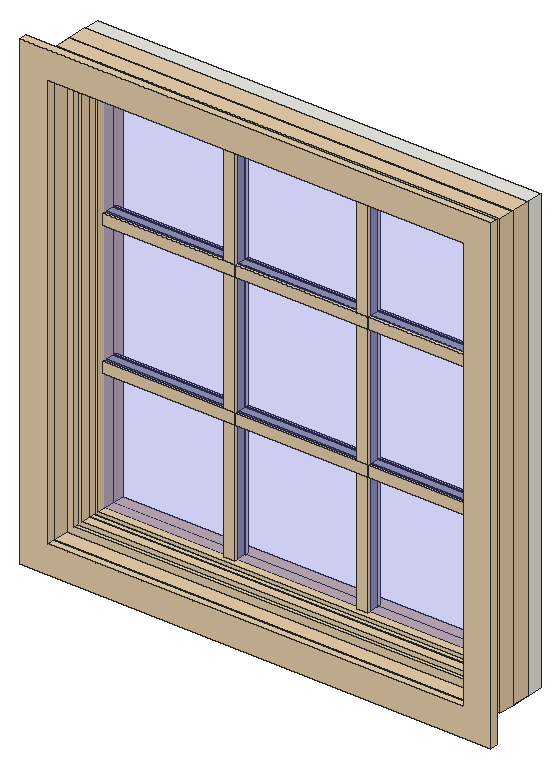
Revit family "1 Window-Picture-Andersen-400_Series_Single", category Windows, host Wall, Revit 2014 (continued)
Dimensions and locks (in)
  aligned and locked: Sweep 14 sketch curve to plane 49 "Frame S2"
  aligned and locked: plane 10 "L Stop" to Sweep 14 sketch curve
  aligned and locked: Sweep 14 sketch curve to plane 48 "Sash1 S2"
  aligned and locked: plane 38 "B Ext Frame" to nested 1
  aligned and locked: plane 9 "L Ext Frame" to nested 1
  aligned and locked: nested 1 to plane 48 "Sash1 S2"
  aligned and locked: plane 46 "Frame S1" to curve 165
  aligned and locked: plane 59 "Sash1 S1" to curve 165
  aligned and locked: plane 19 "R Ext Frame" to curve 165
  aligned and locked: plane 19 "R Ext Frame" to curve 166
  aligned and locked: plane 18 "R Glazing" to curve 166
  aligned and locked: plane 59 "Sash1 S1" to curve 166
  aligned and locked: plane 59 "Sash1 S1" to curve 7
  aligned and locked: plane 46 "Frame S1" to curve 167
  aligned and locked: plane 9 "L Ext Frame" to curve 167
  aligned and locked: plane 9 "L Ext Frame" to curve 168
  aligned and locked: plane 8 "L Glazing" to curve 168
  aligned and locked: plane 59 "Sash1 S1" to curve 168
Automatic sketch dimensions
  curve 15 to curve 15 = 0' - 0 3/16"
  Sweep 12 sketch curve to profile plane = 0' - 0"
  curve 104 to curve 52 = 0' - 0.655"
  curve 52 to curve 58 = 0' - 0 7/16"
  curve 53 to curve 54 = 0' - 0 11/16"
  curve 54 to curve 64 = 0' - 0 7/8"
  curve 64 to curve 62 = 0' - 0 5/8"
  curve 62 to curve 56 = 0' - 0 1/4"
  curve 56 to curve 56 = 0' - 0 1/8"
  curve 107 to curve 104 = 0' - 0.595"
  curve 51 to curve 51 = 0' - 0.193"
  curve 54 to curve 60 = 0' - 0 1/8"
  curve 61 to curve 63 = 0' - 0 1/8"
  curve 65 to curve 50 = 0' - 0 7/8"
  curve 55 to curve 50 = 0' - 0.312"
  curve 54 to curve 64 = 0' - 0"
  curve 63 to curve 62 = 0' - 0.11677"
  curve 54 to curve 58 = 0' - 0.11677"
  curve 53 to curve 106 = 0' - 0.13323"
  curve 62 to curve 103 = 0' - 0 7/16"
  curve 52 to curve 107 = 0' - 0 5/16"
  curve 62 to curve 55 = 0' - 0.07073"
  curve 62 to curve 64 = 0' - 0.33573"
  curve 104 to curve 105 = 0' - 0.235"
  curve 55 to curve 55 = 0' - 1"
  curve 56 to curve 57 = 0' - 0 1/16"
  curve 59 to curve 63 = 0' - 0"
  curve 60 to curve 54 = 0' - 0"
  curve 54 to curve 61 = 0' - 0 1/8"
  curve 50 to curve 65 = 0' - 0 9/16"
  curve 65 to curve 65 = 0' - 1 5/8"
  curve 133 to curve 118 = 0' - 0.655"
  curve 118 to curve 124 = 0' - 0 7/16"
  curve 119 to curve 120 = 0' - 0 11/16"
  curve 120 to curve 130 = 0' - 0 7/8"
  curve 130 to curve 128 = 0' - 0 5/8"
  curve 128 to curve 122 = 0' - 0 1/4"
  curve 122 to curve 122 = 0' - 0 1/8"
  curve 136 to curve 133 = 0' - 0.595"
  curve 117 to curve 117 = 0' - 0.193"
  curve 120 to curve 126 = 0' - 0 1/8"
  curve 127 to curve 129 = 0' - 0 1/8"
  curve 131 to curve 116 = 0' - 0 7/8"
  curve 121 to curve 116 = 0' - 0.312"
  curve 120 to curve 130 = 0' - 0"
  curve 129 to curve 128 = 0' - 0.11677"
  curve 120 to curve 124 = 0' - 0.11677"
  curve 119 to curve 135 = 0' - 0.13323"
  curve 128 to curve 132 = 0' - 0 7/16"
  curve 118 to curve 136 = 0' - 0 5/16"
  curve 128 to curve 121 = 0' - 0.07073"
  curve 128 to curve 130 = 0' - 0.33573"
  curve 133 to curve 134 = 0' - 0.235"
  curve 121 to curve 121 = 0' - 1"
  curve 122 to curve 123 = 0' - 0 1/16"
  curve 125 to curve 129 = 0' - 0"
  curve 126 to curve 120 = 0' - 0"
  curve 120 to curve 127 = 0' - 0 1/8"
  curve 116 to curve 131 = 0' - 0 9/16"
  curve 131 to curve 131 = 0' - 1 5/8"
  curve 160 to curve 145 = 0' - 0.655"
  curve 145 to curve 151 = 0' - 0 7/16"
  curve 146 to curve 147 = 0' - 0 11/16"
  curve 147 to curve 157 = 0' - 0 7/8"
  curve 157 to curve 155 = 0' - 0 5/8"
  curve 155 to curve 149 = 0' - 0 1/4"
  curve 149 to curve 149 = 0' - 0 1/8"
  curve 163 to curve 160 = 0' - 0.595"
  curve 144 to curve 144 = 0' - 0.193"
  curve 147 to curve 153 = 0' - 0 1/8"
  curve 154 to curve 156 = 0' - 0 1/8"
  curve 158 to curve 143 = 0' - 0 7/8"
  curve 148 to curve 143 = 0' - 0.312"
  curve 147 to curve 157 = 0' - 0"
  curve 155 to curve 156 = 0' - 0.11677"
  curve 151 to curve 147 = 0' - 0.11677"
  curve 162 to curve 146 = 0' - 0.13323"
  curve 159 to curve 155 = 0' - 0 7/16"
  curve 163 to curve 145 = 0' - 0 5/16"
  curve 148 to curve 155 = 0' - 0.07073"
  curve 157 to curve 155 = 0' - 0.33573"
  curve 161 to curve 160 = 0' - 0.235"
  curve 148 to curve 148 = 0' - 1"
  curve 150 to curve 149 = 0' - 0 1/16"
  curve 152 to curve 156 = 0' - 0"
  curve 153 to curve 147 = 0' - 0"
  curve 154 to curve 147 = 0' - 0 1/8"
  curve 158 to curve 143 = 0' - 0 9/16"
  curve 158 to curve 158 = 0' - 1 5/8"
  curve 85 to curve 20 = 0' - 0.08"
  curve 19 to curve 140 = 0' - 0.4665"
  curve 19 to curve 137 = 0' - 0.7325"
  curve 88 to curve 67 = 0' - 0 5/16"
  curve 21 to curve 20 = 0' - 0.31933"
  curve 20 to curve 86 = 0' - 0.05314"
  curve 66 to curve 18 = 0' - 0 5/16"
  curve 86 to curve 86 = 0' - 0.43976"
  curve 18 to curve 22 = 0' - 0 1/4"
  curve 31 to curve 21 = 0' - 0.06277"
  curve 17 to curve 85 = 0' - 2 1/16"
  curve 17 to curve 85 = 0' - 0 9/16"
  curve 35 to curve 21 = 0' - 0 1/8"
  curve 18 to curve 87 = 0' - 0.18723"
  curve 35 to curve 33 = 0' - 0 1/8"
  curve 35 to curve 34 = 0' - 0 1/8"
  curve 88 to curve 67 = 0' - 0 21/32"
  curve 18 to curve 22 = 0' - 1 1/8"
  curve 22 to curve 21 = 0' - 0 7/8"
  curve 21 to curve 86 = 0' - 0 5/8"
  curve 21 to curve 97 = 0' - 0 7/8"
  curve 86 to curve 20 = 0' - 0 3/8"
  curve 67 to curve 88 = 0' - 0 19/32"
  curve 140 to curve 88 = 0' - 0.19175"
  curve 23 to curve 22 = 0' - 0 11/16"
  curve 22 to curve 34 = 0' - 0 1/8"
  curve 33 to curve 21 = 0' - 0 1/8"
  curve 17 to curve 85 = 0' - 0 7/8"
  curve 19 to curve 97 = 0' - 0.312"
  curve 89 to curve 27 = 0' - 0.08"
  curve 26 to curve 141 = 0' - 0.4665"
  curve 26 to curve 138 = 0' - 0.7325"
  curve 92 to curve 69 = 0' - 0 5/16"
  curve 28 to curve 27 = 0' - 0.31933"
  curve 27 to curve 90 = 0' - 0.05314"
  curve 68 to curve 25 = 0' - 0 5/16"
  curve 90 to curve 90 = 0' - 0.43976"
  curve 25 to curve 29 = 0' - 0 1/4"
  curve 32 to curve 28 = 0' - 0.06277"
  curve 24 to curve 89 = 0' - 2 1/16"
  curve 24 to curve 89 = 0' - 0 9/16"
  curve 38 to curve 28 = 0' - 0 1/8"
  curve 25 to curve 91 = 0' - 0.18723"
  curve 38 to curve 36 = 0' - 0 1/8"
  curve 38 to curve 37 = 0' - 0 1/8"
  curve 92 to curve 69 = 0' - 0 21/32"
  curve 25 to curve 29 = 0' - 1 1/8"
  curve 29 to curve 28 = 0' - 0 7/8"
  curve 28 to curve 90 = 0' - 0 5/8"
  curve 28 to curve 98 = 0' - 0 7/8"
  curve 90 to curve 27 = 0' - 0 3/8"
  curve 69 to curve 92 = 0' - 0 19/32"
  curve 141 to curve 92 = 0' - 0.19175"
  curve 30 to curve 29 = 0' - 0 11/16"
  curve 29 to curve 37 = 0' - 0 1/8"
  curve 36 to curve 28 = 0' - 0 1/8"
  curve 24 to curve 89 = 0' - 0 7/8"
  curve 26 to curve 98 = 0' - 0.312"
  curve 93 to curve 42 = 0' - 0.08"
  curve 41 to curve 142 = 0' - 0.4665"
  curve 41 to curve 139 = 0' - 0.7325"
  curve 96 to curve 71 = 0' - 0 5/16"
  curve 43 to curve 42 = 0' - 0.31933"
  curve 42 to curve 94 = 0' - 0.05314"
  curve 70 to curve 40 = 0' - 0 5/16"
  curve 94 to curve 94 = 0' - 0.43976"
  curve 40 to curve 44 = 0' - 0 1/4"
  curve 46 to curve 43 = 0' - 0.06277"
  curve 39 to curve 93 = 0' - 2 1/16"
  curve 39 to curve 93 = 0' - 0 9/16"
  curve 49 to curve 43 = 0' - 0 1/8"
  curve 40 to curve 95 = 0' - 0.18723"
  curve 49 to curve 47 = 0' - 0 1/8"
  curve 49 to curve 48 = 0' - 0 1/8"
  curve 71 to curve 96 = 0' - 0 21/32"
  curve 44 to curve 40 = 0' - 1 1/8"
  curve 43 to curve 44 = 0' - 0 7/8"
  curve 94 to curve 43 = 0' - 0 5/8"
  curve 99 to curve 43 = 0' - 0 7/8"
  curve 42 to curve 94 = 0' - 0 3/8"
  curve 96 to curve 71 = 0' - 0 19/32"
  curve 96 to curve 142 = 0' - 0.19175"
  curve 44 to curve 45 = 0' - 0 11/16"
  curve 48 to curve 44 = 0' - 0 1/8"
  curve 43 to curve 47 = 0' - 0 1/8"
  curve 93 to curve 39 = 0' - 0 7/8"
  curve 99 to curve 41 = 0' - 0.312"
  Extrusion 8 sketch curve to plane 38 "B Ext Frame" = 0' - 0.18664"
  plane 65 "T Stop" to Extrusion 8 sketch curve = 0' - 0 1/4"
  plane 29 "T Ext Frame" to Extrusion 8 sketch curve = 0' - 0.18689"
  Extrusion 8 sketch curve to plane 66 "B Stop" = 0' - 0 1/4"
  plane 9 "L Ext Frame" to Extrusion 8 sketch curve = 0' - 0.0175"
  Extrusion 8 sketch curve to plane 19 "R Ext Frame" = 0' - 0.0175"
  curve 112 to plane 44 "Casing S1" = 0' - 0"
  Sweep 14 sketch curve to plane 47 "Flange" = 0' - 0"
  curve 5 to plane 22 "R Casing 1" = 0' - 0"
  curve 5 to plane 46 "Frame S1" = 0' - 0"
  curve 16 to plane 46 "Frame S1" = 0' - 0"
  curve 15 to plane 4 "R Frame" = 0' - 0"
  curve 15 to plane 46 "Frame S1" = 0' - 0"
  host wall to curve 9 = 0' - 0"
  curve 164 to plane 12 "L Casing 1" = 0' - 0"
Nested families (in)
  nested 1: "Andersen_Sash_Panel" at (17.4375, 2.5625, 46.81311) x (-1, 0, 0) z (0, 0, 1), type "Andersen_Sash_Panel"
    with Material_Top_Setback 0' - 0 1/32", Material_Right_Setback 0' - 0 1/32", Material_Left_Setback 0' - 0 1/32", Material_Bottom_Setback 0' - 0 1/32"
Definition of nested family "Andersen_Sash_Panel"
  Parameters (values of type "Andersen_Sash_Panel")
    VertBarQuantity = if(LightsWide < 3, 2, LightsWide - 1)  # 2
    TFL = if(Fractional_Lights_High > 5, 3, if(or(Fractional_Lights_High = 4, Fractional_Lights_High = 5), 2, if(or(Fractional_Lights_High = 2, Fractional_Lights_High = 3), 1, 1)))  # 2
    TFB = TFL - 1  # 1
    Stile_Right = 0' - 1 11/16"
    Stile_Left = 0' - 1 11/16"
    StandardLightsHigh = 3
    SingleVertLocation = (Panel_Width - Stile_Right - Stile_Left) / 2  # 1' - 3 3/4"
    SingleVertBarVisibility = LightsWide = 2  # no
    SingleHorzLocation = (BarLengthVertical) / 2  # 1' - 3 3/4"
    SingleHorBarVisibility = or(or(or(and(LightsHigh = 2, PatternNumber = 1), and(PatternNumber = 4, Fractional_Lights_High > 1)), and(PatternNumber = 5, Fractional_Lights_High > 1)), and(PatternNumber = 2, Fractional_Lights_High > 1))  # no
    S H Fractional = and(PatternNumber = 2, or(Fractional_Lights_High = 4, Fractional_Lights_High = 5))  # no
    Rail_Top = 0' - 1 11/16"
    Rail_Bottom = 0' - 1 11/16"
    PatternNumber = 1
    Panel_Width = 2' - 10 7/8"
    Panel_Thickness = 0' - 2 9/16"
    Panel_Height = 2' - 10 7/8"
    MultipleVertBar Visibility = and(not(PatternNumber = 0), LightsWide > 2)  # yes
    MultipleHorBarVisibility = or(or(PatternNumber = 3, and(LightsHigh > 2, PatternNumber = 1)), and(PatternNumber = 2, Fractional_Lights_High > 5))  # yes
    Material_Top_Setback [instance] = 0' - 0 1/32"
    Material_Right_Setback [instance] = 0' - 0 1/32"
    Material_Left_Setback [instance] = 0' - 0 1/32"
    Material_Interior = Wood - Andersen - Pine
    Material_Exterior = Vinyl - Andersen - White
    Material_Bottom_Setback [instance] = 0' - 0 1/32"
    LightsWide = if(PatternNumber = 3, 3, [- Lights Wide])  # 3
    LightsHigh = if(PatternNumber = 2, [- Lights High] - 1, if(PatternNumber = 3, 3, [- Lights High]))  # 3
    Interior Bar Thickness = 0' - 0 23/64"
    HorBarQuantity = if(LightsHigh < 3, 2, LightsHigh - 1)  # 2
    GrilleBarSizeInt = 4
    GrilleBarSize = 0' - 0 7/8"
    Glazing = Glass ‐ Andersen - Low-E4 SmartSun
    Glass SetBack = 0' - 1"
    Glass Pane Thickness = 0' - 0 1/8"
    Glass OA Thickness = 0' - 0 7/8"
    Fractional_Lights_Wide = 3
    Fractional_Lights_High = 5
    Exterior Bar Thickness = 0' - 0 77/256"
    DLOVertical = if(PatternNumber = 1, if(LightsHigh > 2, ((BarLengthVertical - (GrilleBarSize * (LightsHigh - 1))) / LightsHigh), 0' 4"), if(PatternNumber = 3, 0' 4", if(Fractional_Lights_High > 2, ((BarLengthVertical - (GrilleBarSize * 2)) / 3), 0' 4")))  # 0' - 9.91667"
    DLOHorizontal = if(PatternNumber = 3, 0' 4", ((Panel_Width - Stile_Right - Stile_Left) - (GrilleBarSize * VertBarQuantity)) / if(LightsWide > 2, LightsWide, 3))  # 0' - 9.91667"
    BottomBarVisibility = and(PatternNumber = 2, or(Fractional_Lights_High = 4, Fractional_Lights_High = 5))  # no
    BottomBarLocation = if(PatternNumber = 1, ((Panel_Height - Rail_Top - Rail_Bottom) / 2) - (GrilleBarSize / 2), BarLengthVertical)  # 1' - 3 5/16"
    Between Glass Grille Bar Color = Stainless Steel - Andersen - Standard
    BarLengthVertical = if(or(PatternNumber = 5, PatternNumber = 2), ((((Panel_Height - Rail_Top - Rail_Bottom - (GrilleBarSize * (Fractional_Lights_High - 1))) / Fractional_Lights_High)) * TFL) + (TFB * GrilleBarSize) + Rail_Top, if(PatternNumber = 4, ((Panel_Height - Rail_Top - Rail_Bottom - (GrilleBarSize * (Fractional_Lights_High - 1))) / Fractional_Lights_High), Panel_Height - Rail_Top - Rail_Bottom))  # 2' - 7 1/2"
    BarLengthHorizontal = Panel_Width - Stile_Right - Stile_Left  # 2' - 7 1/2"
    BarIntVisibility = yes
    BarExtVisibility = yes
    BarBetweenGlassVisibility = yes
    Analytic Construction = "<None>"
    - Lights Wide = 3
    - Lights High = 3
  Reference planes (in)
    plane 1 "Front": y = 0
    plane 2 "Bottom": z = 0
    plane 3 "Left": x = 0
    plane 4 "Top": z = 34.875
    plane 5 "Right": x = 34.875
    plane 6 "Glazing Left": x = 1.6875
    plane 7 "Glazing Bottom": z = 1.6875
    plane 8 "Glazing Right": x = 33.1875
    plane 9 "Glazing Top": z = 33.1875
    plane 10 "GlazingA": y = 1
    plane 11 "GlazingB": y = 1.875
    plane 12 "Back": y = 2.5625
    plane 13: z = 1.6875
  Forms (in)
    Extrusion 1, solid, material "Wood - Andersen - Pine" <- "Material_Interior"
      sketch origin (0, 0, 0) x (1, 0, 0) y (0, 0, 1)
        loop
          line (0, 34.875) -> (0, 0) -> (34.875, 0) -> (34.875, 34.875) -> (0, 34.875)
        loop
          line (1.6875, 33.1875) -> (1.6875, 1.6875) -> (33.1875, 1.6875) -> (33.1875, 33.1875) -> (1.6875, 33.1875)
      from -2.5625 to 0
    Extrusion 2, solid, material "Glass ‐ Andersen - Low-E4 SmartSun" <- "Glazing"
      sketch origin (0, 0, 0) x (1, 0, 0) y (0, 0, 1)
        loop
          line (1.6875, 33.1875) -> (1.6875, 1.6875) -> (33.1875, 1.6875) -> (33.1875, 33.1875) -> (1.6875, 33.1875)
      from -1.875 to -1
  Lines and regions (in)
    Split face 1
      outline origin (0, 0, 34.875) x (1, 0, 0) y (0, 1, 0)
        loop
          line (0, 0.03125) -> (34.875, 0.03125)
    Split face 2
      outline origin (34.875, 0, 34.875) x (0, 0, -1) y (0, 1, 0)
        loop
          line (0, 0.03125) -> (34.875, 0.03125)
    Split face 3
      outline origin (0, 0, 0) x (0, 0, 1) y (0, 1, 0)
        loop
          line (34.875, 0.03125) -> (0, 0.03125)
    Split face 4
      outline origin (34.875, 0, 0) x (0, 1, 0) y (-1, 0, 0)
        loop
          line (0.03125, 34.875) -> (0.03125, 0)
    Split face 5
      outline origin (33.1875, 0.625, 1.6875) x (-1, 0, 0) y (0, -1, 0)
        loop
          line (31.5, -0.375) -> (0, -0.375)
        loop
          line (31.5, -1.25) -> (0, -1.25)
    Split face 6
      outline origin (1.6875, 0, 1.6875) x (0, 0, 1) y (0, -1, 0)
        loop
          line (0, -1) -> (31.5, -1)
        loop
          line (31.5, -1.875) -> (0, -1.875)
    Split face 7
      outline origin (33.1875, 0, 33.1875) x (0, 0, -1) y (0, -1, 0)
        loop
          line (31.5, -1) -> (0, -1)
        loop
          line (0, -1.875) -> (31.5, -1.875)
    Split face 8
      outline origin (1.6875, 0, 33.1875) x (0, -1, 0) y (1, 0, 0)
        loop
          line (-1, 0) -> (-1, 31.5)
        loop
          line (-1.875, 0) -> (-1.875, 31.5)
    symbolic lines, style "WindowsGlassProjection", detail levels medium+fine
      curve 1: line (1.6875, 1, 0) -> (33.1875, 1, 0)
      curve 2: line (1.6875, 1.875, 0) -> (33.1875, 1.875, 0)
    symbolic lines, style "WindowsGlassProjection"
      curve 3: line (0, 1, 33.1875) -> (0, 1, 1.6875)
      curve 4: line (0, 1.875, 33.1875) -> (0, 1.875, 1.6875)
    symbolic lines, style "WindowsGlassProjection", detail levels fine
      curve 5: line (1.6875, 1.125, 0) -> (33.1875, 1.125, 0)
      curve 6: line (1.6875, 1.75, 0) -> (33.1875, 1.75, 0)
      curve 7: line (0, 1.75, 33.1875) -> (0, 1.75, 1.6875)
      curve 8: line (0, 1.125, 33.1875) -> (0, 1.125, 1.6875)
  Dimensions and locks (in)
    "Panel_Width": plane 5 "Right" to plane 3 "Left"
    "Panel_Height": plane 4 "Top" to plane 2 "Bottom"
    "Stile_Left": plane 6 "Glazing Left" to plane 3 "Left"
    "Stile_Right": plane 5 "Right" to plane 8 "Glazing Right"
    "Rail_Bottom": plane 7 "Glazing Bottom" to plane 2 "Bottom"
    "Rail_Top": plane 4 "Top" to plane 9 "Glazing Top"
    "Panel_Thickness": plane 1 "Front" to plane 12 "Back"
    "Material_Top_Setback": Extrusion 1 to Split face 1 sketch curve
    "Material_Right_Setback": Extrusion 1 to Split face 2 sketch curve
    "Material_Left_Setback": Split face 3 sketch curve to Extrusion 1
    "Material_Bottom_Setback": Extrusion 1 to Split face 4 sketch curve
    "BarLengthVertical": plane 9 "Glazing Top" to plane 13
    plane 8 "Glazing Right" to plane 6 "Glazing Left" = 2' - 7 1/2"
    group 1 to group 2 = 0' - 10.79167"
    group 1 to group 2 = 0' - 0"  (x2)
    "DLOHorizontal": nested 1 to plane 6 "Glazing Left"
    "DLOHorizontal": plane 8 "Glazing Right" to nested 2
    "Glass SetBack": plane 1 "Front" to plane 10 "GlazingA"
    "Glass Pane Thickness": curve 5 to plane 10 "GlazingA"
    "Glass OA Thickness": plane 11 "GlazingB" to plane 10 "GlazingA"
    "Glass Pane Thickness": plane 11 "GlazingB" to curve 6
    "Glass Pane Thickness": plane 11 "GlazingB" to curve 7
    "Glass Pane Thickness": curve 8 to plane 10 "GlazingA"
    "SingleVertLocation": nested 3 to plane 6 "Glazing Left"
    group 3 to group 4 = 0' - 0"  (x2)
    group 3 to group 4 = 0' - 10.79167"
    "DLOVertical": plane 9 "Glazing Top" to nested 6
    "DLOVertical": nested 5 to plane 13
    equal spacing: plane 9 "Glazing Top", nested 7, nested 4
    "BottomBarLocation": plane 9 "Glazing Top" to nested 4
    aligned and locked: plane 2 "Bottom" to level
    aligned and locked: Extrusion 1 sketch curve to plane 4 "Top"
    aligned and locked: Extrusion 1 sketch curve to plane 9 "Glazing Top"
    aligned and locked: Extrusion 1 sketch curve to plane 5 "Right"
    aligned and locked: Extrusion 1 sketch curve to plane 8 "Glazing Right"
    aligned and locked: plane 2 "Bottom" to Extrusion 1 sketch curve
    aligned and locked: plane 7 "Glazing Bottom" to Extrusion 1 sketch curve
    aligned and locked: plane 3 "Left" to Extrusion 1 sketch curve
    aligned and locked: plane 6 "Glazing Left" to Extrusion 1 sketch curve
    aligned and locked: plane 12 "Back" to Extrusion 1
    aligned and locked: plane 1 "Front" to Extrusion 1
    aligned and locked: Extrusion 2 sketch curve to plane 9 "Glazing Top"
    aligned and locked: Extrusion 2 sketch curve to plane 8 "Glazing Right"
    aligned and locked: plane 7 "Glazing Bottom" to Extrusion 2 sketch curve
    aligned and locked: plane 6 "Glazing Left" to Extrusion 2 sketch curve
    aligned and locked: plane 11 "GlazingB" to Extrusion 2
    aligned and locked: Extrusion 2 to plane 10 "GlazingA"
    aligned and locked: Split face 5 sketch curve to plane 10 "GlazingA"
    aligned and locked: Split face 5 sketch curve to plane 11 "GlazingB"
    aligned and locked: Split face 6 sketch curve to plane 10 "GlazingA"
    aligned and locked: plane 11 "GlazingB" to Split face 6 sketch curve
    aligned and locked: Split face 7 sketch curve to plane 10 "GlazingA"
    aligned and locked: plane 11 "GlazingB" to Split face 7 sketch curve
    aligned and locked: Split face 8 sketch curve to plane 10 "GlazingA"
    aligned and locked: Split face 8 sketch curve to plane 11 "GlazingB"
    aligned and locked: curve 2 to plane 11 "GlazingB"
    aligned and locked: plane 7 "Glazing Bottom" to curve 3
    aligned and locked: plane 10 "GlazingA" to curve 3
    aligned and locked: plane 9 "Glazing Top" to curve 4
    aligned and locked: plane 11 "GlazingB" to curve 4
    aligned and locked: plane 6 "Glazing Left" to curve 6
    aligned and locked: plane 8 "Glazing Right" to curve 6
    aligned and locked: Split face 5 to plane 10 "GlazingA"
    aligned and locked: plane 9 "Glazing Top" to nested 1
    aligned and locked: plane 9 "Glazing Top" to nested 2
    aligned and locked: plane 9 "Glazing Top" to nested 3
    aligned and locked: plane 6 "Glazing Left" to nested 4
    aligned and locked: nested 6 to plane 6 "Glazing Left"
    aligned and locked: nested 5 to plane 6 "Glazing Left"
    aligned and locked: plane 6 "Glazing Left" to nested 7
  Automatic sketch dimensions
    Split face 1 sketch curve to Extrusion 1 = 0' - 0"  (x2)
    Split face 2 sketch curve to Extrusion 1 = 0' - 0"
    Extrusion 1 to Split face 2 sketch curve = 0' - 0"
    Extrusion 1 to Split face 3 sketch curve = 0' - 0"
    Split face 3 sketch curve to Extrusion 1 = 0' - 0"
    Split face 4 sketch curve to Extrusion 1 = 0' - 0"  (x2)
    Split face 5 sketch curve to Extrusion 1 = 0' - 0"  (x4)
    Split face 6 sketch curve to Extrusion 1 = 0' - 0"  (x2)
    Extrusion 1 to Split face 6 sketch curve = 0' - 0"  (x2)
    Extrusion 1 to Split face 7 sketch curve = 0' - 0"  (x2)
    Split face 7 sketch curve to Extrusion 1 = 0' - 0"  (x2)
    Split face 8 sketch curve to Extrusion 1 = 0' - 0"  (x4)
    curve 1 to plane 10 "GlazingA" = 0' - 0"
    curve 7 to plane 9 "Glazing Top" = 0' - 0"
    curve 3 to plane 9 "Glazing Top" = 0' - 0"
    curve 8 to plane 9 "Glazing Top" = 0' - 0"
    curve 7 to plane 7 "Glazing Bottom" = 0' - 0"
    curve 4 to plane 7 "Glazing Bottom" = 0' - 0"
    curve 8 to plane 7 "Glazing Bottom" = 0' - 0"
    curve 2 to plane 6 "Glazing Left" = 0' - 0"
    curve 5 to plane 6 "Glazing Left" = 0' - 0"
    curve 1 to plane 6 "Glazing Left" = 0' - 0"
    curve 5 to plane 8 "Glazing Right" = 0' - 0"
    curve 2 to plane 8 "Glazing Right" = 0' - 0"
    curve 1 to plane 8 "Glazing Right" = 0' - 0"
  Nested families (in)
    nested 1: "Andersen_Grille_Bar" at (12.04167, 1, 17.4375) x (1, 0, 0) z (0, -1, 0), Bar Width <- "GrilleBarSize", Bar Length <- "BarLengthVertical", visible <- "MultipleVertBar Visibility", type "Andersen_Grille_Bar"
      with Center Line Length 2' - 7 15/16", Center Line 1, Bar Width 0' - 0 7/8", Bar Length 2' - 7 1/2", Glass OA Thickness 0' - 0 7/8"
    nested 2: "Andersen_Grille_Bar" at (22.83333, 1, 17.4375) x (1, 0, 0) z (0, -1, 0), Bar Width <- "GrilleBarSize", Bar Length <- "BarLengthVertical", visible <- "MultipleVertBar Visibility", type "Andersen_Grille_Bar"
      with Center Line Length 2' - 7 15/16", Center Line 1, Bar Width 0' - 0 7/8", Bar Length 2' - 7 1/2", Glass OA Thickness 0' - 0 7/8"
    nested 3: "Andersen_Grille_Bar" at (17.4375, 1, 17.4375) x (1, 0, 0) z (0, -1, 0), Bar Width <- "GrilleBarSize", visible <- "SingleVertBarVisibility", Bar Length <- "BarLengthVertical", type "Andersen_Grille_Bar"
      with Center Line Length 2' - 7 15/16", Center Line 1, Bar Width 0' - 0 7/8", Bar Length 2' - 7 1/2", Glass OA Thickness 0' - 0 7/8"
    nested 4: "Andersen_Grille_Bar" at (17.4375, 1, 17.4375) x (0, 0, -1) z (0, -1, 0), Bar Width <- "GrilleBarSize", Bar Length <- "BarLengthHorizontal", visible <- "SingleHorBarVisibility", type "Andersen_Grille_Bar"
      with Center Line Length 2' - 7 15/16", Center Line 1, Bar Width 0' - 0 7/8", Bar Length 2' - 7 1/2", Glass OA Thickness 0' - 0 7/8"
    nested 5: "Andersen_Grille_Bar" at (17.4375, 1, 12.04167) x (0, 0, 1) z (0, -1, 0), Bar Width <- "GrilleBarSize", Bar Length <- "BarLengthHorizontal", visible <- "MultipleHorBarVisibility", type "Andersen_Grille_Bar"
      with Center Line Length 2' - 7 15/16", Center Line 1, Bar Width 0' - 0 7/8", Bar Length 2' - 7 1/2", Glass OA Thickness 0' - 0 7/8"
    nested 6: "Andersen_Grille_Bar" at (17.4375, 1, 22.83333) x (0, 0, 1) z (0, -1, 0), Bar Width <- "GrilleBarSize", Bar Length <- "BarLengthHorizontal", visible <- "MultipleHorBarVisibility", type "Andersen_Grille_Bar"
      with Center Line Length 2' - 7 15/16", Center Line 1, Bar Width 0' - 0 7/8", Bar Length 2' - 7 1/2", Glass OA Thickness 0' - 0 7/8"
    nested 7: "Andersen_Grille_Bar" at (17.4375, 1, 25.53125) x (0, 0, -1) z (0, -1, 0), Bar Width <- "GrilleBarSize", Bar Length <- "BarLengthHorizontal", visible <- "S H Fractional", type "Andersen_Grille_Bar"
      with Center Line Length 2' - 7 15/16", Center Line 1, Bar Width 0' - 0 7/8", Bar Length 2' - 7 1/2", Glass OA Thickness 0' - 0 7/8"
  Definition of nested family "Andersen_Grille_Bar"
    Parameters (values of type "Andersen_Grille_Bar")
      Interior Bar Visibility = yes
      Interior Bar Thickness = 0' - 0 27/128"
      Interior Bar Material = Wood - Andersen - Pine
      Glass Pane Thickness = 0' - 0 1/8"
      Glass OA Thickness = 0' - 0 5/8"
      Exterior Bar Visibility = yes
      Exterior Bar Thickness = 0' - 0 27/128"
      Exterior Bar Finish = none
      Default Elevation = 4' - 0"
      Center Line Length [instance] = if(Center Line = 1, Bar Length + (Bar Width / 2), Bar Length)  # 0' - 4 7/16"
      Center Line [instance] = 1
      Between Glass Bar Visibility = yes
      Between Glass Bar Finish = Stainless Steel - Andersen - Standard
      Bar Width [instance] = 0' - 0 7/8"
      Bar Length [instance] = 0' - 4"
    Reference planes (in)
      plane 1 "Center (Front/Back)": y = 0
      plane 2 "a": z = 0
      plane 3 "Center (Left/Right)": x = 0
      plane 4 "1": x = -0.4375
      plane 5 "2": x = 0.4375
      plane 6: y = 2
      plane 7: y = -2
      plane 8 "b": z = -0.625
      plane 9: y = -2.4375
      plane 10 "a1": z = 12
      plane 11 "a2": z = -12
    Forms (in)
      Extrusion 1, solid
        sketch origin (0, 0, 0) x (1, 0, 0) y (0, 1, 0)
          loop
            line (-48, 48) -> (-48, -48) -> (48, -48) -> (48, 48) -> (-48, 48)
        from 0 to -12
      Extrusion 2, solid, material <- "Exterior Bar Finish", visible <- "Exterior Bar Visibility", detail levels fine
        sketch origin (0, 0, 0) x (1, 0, 0) y (0, 1, 0)
          loop
            line (-0.4375, 2) -> (-0.4375, -2) -> (0.4375, -2) -> (0.4375, 2) -> (-0.4375, 2)
        from 0 to 0.21094
      Extrusion 3, solid, material "Stainless Steel - Andersen - Standard" <- "Between Glass Bar Finish", visible <- "Between Glass Bar Visibility", detail levels fine
        sketch origin (0, 0, 0) x (1, 0, 0) y (0, 1, 0)
          loop
            line (-0.4375, 2) -> (-0.4375, -2) -> (0.4375, -2) -> (0.4375, 2) -> (-0.4375, 2)
        from -0.5 to -0.125
      Extrusion 4, solid, material "Wood - Andersen - Pine" <- "Interior Bar Material", visible <- "Interior Bar Visibility", detail levels fine
        sketch origin (0, 0, 0) x (1, 0, 0) y (0, 1, 0)
          loop
            line (-0.4375, 2) -> (-0.4375, -2) -> (0.4375, -2) -> (0.4375, 2) -> (-0.4375, 2)
        from -0.83594 to -0.625
    Lines and regions (in)
      model lines, style "GenericModel", detail levels coarse+medium
        curve 1: line (0, 2, 0) -> (0, -2.4375, 0)
      symbolic lines, style "GenericModel", detail levels coarse+medium
        curve 2: line (0, 2, 12) -> (0, -2.4375, 12)
    Dimensions and locks (in)
      "Glass OA Thickness": plane 2 "a" to plane 8 "b"
      "Exterior Bar Thickness": Extrusion 2 to Extrusion 2
      "Interior Bar Thickness": plane 8 "b" to Extrusion 4
      equal spacing: plane 4 "1", plane 3 "Center (Left/Right)", plane 5 "2"
      equal spacing: plane 6, plane 1 "Center (Front/Back)", plane 7
      "Bar Width": plane 4 "1" to plane 5 "2"
      "Bar Length": plane 6 to plane 7
      "Center Line Length": plane 6 to plane 9
      locked: plane 10 "a1" to plane 2 "a" at 12
      locked: plane 2 "a" to plane 11 "a2" at 12
      "Glass Pane Thickness": Extrusion 3 to plane 8 "b"
      "Glass Pane Thickness": plane 2 "a" to Extrusion 3
      aligned and locked: plane 2 "a" to Extrusion 1
      aligned and locked: level to Extrusion 1
      aligned and locked: Extrusion 2 to plane 2 "a"
      aligned and locked: Extrusion 2 to plane 4 "1"
      aligned and locked: plane 5 "2" to Extrusion 2
      aligned and locked: plane 6 to Extrusion 2
      aligned and locked: Extrusion 2 to plane 7
      aligned and locked: Extrusion 3 to plane 4 "1"
      aligned and locked: plane 5 "2" to Extrusion 3
      aligned and locked: plane 6 to Extrusion 3
      aligned and locked: Extrusion 3 to plane 7
      aligned and locked: plane 8 "b" to Extrusion 4
      aligned and locked: Extrusion 4 to plane 4 "1"
      aligned and locked: plane 5 "2" to Extrusion 4
      aligned and locked: plane 6 to Extrusion 4
      aligned and locked: Extrusion 4 to plane 7
      aligned and locked: plane 6 to curve 1
      aligned and locked: plane 9 to curve 1
      aligned and locked: curve 1 to plane 3 "Center (Left/Right)"
      aligned and locked: plane 6 to curve 2
      aligned and locked: plane 9 to curve 2
      aligned and locked: curve 2 to plane 3 "Center (Left/Right)"
    Automatic sketch dimensions
      Extrusion 1 sketch curve to Extrusion 1 sketch curve = 8' - 0"  (x2)
      plane 7 to Extrusion 2 sketch curve = 0' - 0"
      Extrusion 2 sketch curve to plane 5 "2" = 0' - 0 7/8"
      Extrusion 2 sketch curve to plane 6 = 0' - 0"
      Extrusion 2 sketch curve to Extrusion 2 sketch curve = 0' - 0 7/8"
      plane 7 to Extrusion 3 sketch curve = 0' - 0"
      Extrusion 3 sketch curve to plane 5 "2" = 0' - 0 7/8"
      Extrusion 3 sketch curve to plane 6 = 0' - 0"
      Extrusion 3 sketch curve to Extrusion 3 sketch curve = 0' - 0 7/8"
      Extrusion 4 sketch curve to plane 7 = 0' - 0"
      Extrusion 4 sketch curve to plane 5 "2" = 0' - 0 7/8"
      Extrusion 4 sketch curve to plane 6 = 0' - 0"
      Extrusion 4 sketch curve to Extrusion 4 sketch curve = 0' - 0 7/8"
